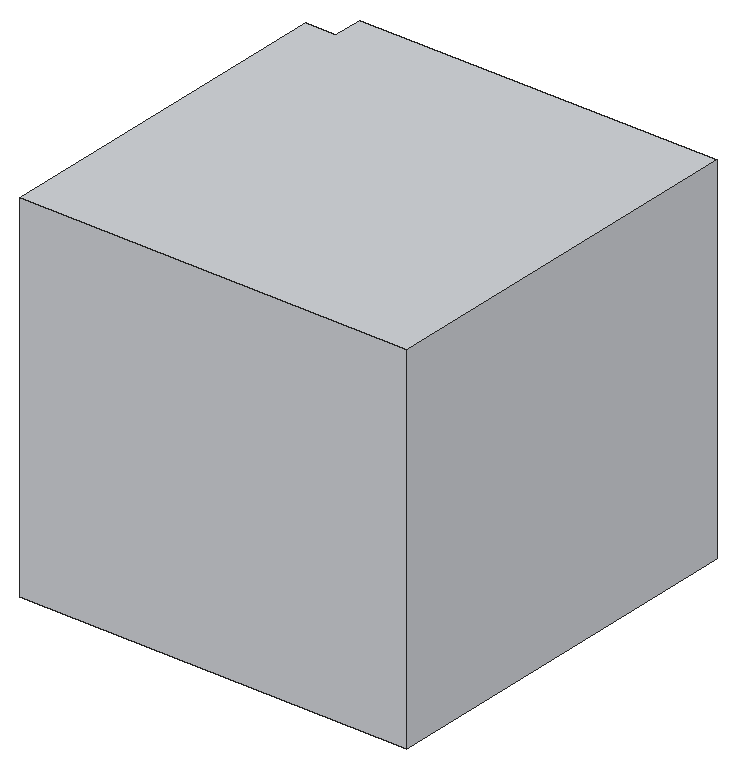
Revit family "M_Cotovelo retangular - 90 graus - Palhetas com espessura dobrada", category Conexões de duto, Revit 2019
Family settings
  Cota do conector redondo = Utilizar diâmetro
  Tipo de parte = Cotovelo
  Número OmniClass = 23.75.70.14
  Título OmniClass = Air Ductwork
  ID de item do Seek = Rectangular Elbow - Mitered - Double Thickness Vanes-0000-CAN-ENU
  Com base no plano de trabalho = Não
  Sempre na vertical = Sim
  Corte com vazios quando carregada = Não
  Compartilhado = Não
Parameters (values of type "Padrão")
  Espaço da palheta [instance] = Raio das palhetas  # 75 mm
  Largura do duto [instance] = 300 mm
  Comprimento do rebaixo [instance] = 25 mm
  Número [instance] = if((Comprimento 1 + Comprimento 2) / Espaço da palheta > 2, (Comprimento 1 + Comprimento 2) / Espaço da palheta, 2)  # 4
  Comprimento 2 [instance] = if((Largura do meio duto - Raio das palhetas) > 0 mm, Largura do meio duto - Raio das palhetas, 25 mm)  # 75 mm
  Comprimento 1 [instance] = Largura do meio duto + Raio das palhetas / 2  # 187.5 mm
  Comprimento do duto1 [instance] = tan(Ângulo / 2) * Largura do duto / 2 + Comprimento do rebaixo  # 175 mm
  Raio das palhetas [instance] = Largura do duto / 4  # 75 mm
  Altura do duto [instance] = 300 mm
  Largura do meio duto [instance] = Largura do duto / 2  # 150 mm
  Comprimento do meio duto 1 [instance] = Comprimento do duto1 / 2  # 87.5 mm
  Altura do meio duto [instance] = Altura do duto / 2  # 150 mm
  Ângulo 2 [instance] = Ângulo / 2  # 45.00°
  Ângulo [instance] = 90.00°
Reference planes
  plane 1 "Centro (Frente/Trás)": y = 0
  plane 2: z = 0
  plane 3 "Centro (Esquerda/Direita)": x = 0
  plane 4: x = -175
Forms (mm)
  Sweep 1, solid, detail levels medium+fine
    path in 3D
      loop
        line (-175, 0, 0) -> (0, 0, 0) -> (0, 175, 0)
    profile "M_Duto - Retangular : Duto - Retangular" origin (-87.5, 0, 0) x (0, 1, 0) y (0, 0, 1)
      loop
        line (-150, 150) -> (-150, -150) -> (150, -150) -> (150, 150) -> (-150, 150)
Lines and regions (mm)
  reference lines
    curve 1: line (-175, 0, 0) -> (0, 0, 0)
    curve 6: line (0, 0, 0) -> (-132.583, 132.583, 0)
    curve 7: line (0, 0, 0) -> (53.033, -53.033, 0)
    curve 8: line (-132.583, 132.583, 0) -> (-186.464, 78.701, 0)
    curve 9: line (-79.55, 79.55, 0) -> (-133.431, 25.668, 0)
  model lines, style "DuctFitting", detail levels coarse
    curve 2: line (0, 0, 0) -> (0, 175, 0)
    curve 5: line (-175, 0, 0) -> (0, 0, 0)
  sketch lines
    curve 3: line (-175, 0, 0) -> (0, 0, 0)
    curve 4: line (0, 0, 0) -> (0, 175, 0)
  model lines, detail levels coarse
    curve 10: line (0, 0, 0) -> (-61.872, 61.872, 0)
    curve 11: line (0, 0, 0) -> (61.872, -61.872, 0)
Dimensions and locks
  "Comprimento do duto1": plane 4 to plane 3 "Centro (Esquerda/Direita)"
  "Comprimento do duto1": curve 2 to curve 2
  "Comprimento 1": curve 6 to curve 6
  "Comprimento 2": curve 7 to curve 7
  "Espaço da palheta": curve 8 to curve 9
  "Comprimento do meio duto 1": curve 10 to curve 10
  "Comprimento do meio duto 1": curve 11 to curve 11
  equal spacing: group 1, group 2, group 3, group 4  (x2)
  equal spacing: group 4, group 3, group 2, group 1
  "Ângulo": angle plane 1 "Centro (Frente/Trás)" to curve 2
  "Ângulo 2": angle plane 3 "Centro (Esquerda/Direita)" to curve 7
  "Ângulo 2": angle plane 3 "Centro (Esquerda/Direita)" to curve 6
  locked: curve 6 to curve 8 (angle 90.00°)
  locked: curve 9 to curve 6 (angle 90.00°)
  "Ângulo 2": angle plane 3 "Centro (Esquerda/Direita)" to curve 10
  "Ângulo 2": angle plane 3 "Centro (Esquerda/Direita)" to curve 11
  aligned and locked: plane 1 "Centro (Frente/Trás)" to curve 1
  aligned and locked: plane 3 "Centro (Esquerda/Direita)" to curve 1
  aligned and locked: plane 4 to curve 1
  aligned and locked: curve 5 to curve 1
  aligned and locked: nested 1 to curve 8  (x2)
  aligned and locked: nested 2 to curve 9  (x2)
Automatic sketch dimensions
  curve 5 to plane 4 = 0 mm
  curve 11 to plane 3 "Centro (Esquerda/Direita)" = 0 mm
Nested families
  nested 1: "M_Duto - Palhetas duplas" at (-132.583, 132.583, 0), Raio <- "Raio das palhetas", Altura <- "Altura do meio duto", Ângulo <- "Ângulo", type "Duto - Palhetas duplas", detail levels medium+fine
    with Raio 75 mm, Altura 150 mm, Comprimento de meio raio 37.5 mm, Meio raio 37.5 mm, Ângulo 90.00°
  nested 2: "M_Duto - Palhetas duplas" at (-79.55, 79.55, 0), Raio <- "Raio das palhetas", Altura <- "Altura do meio duto", Ângulo <- "Ângulo", type "Duto - Palhetas duplas", detail levels medium+fine
    with Raio 75 mm, Altura 150 mm, Comprimento de meio raio 37.5 mm, Meio raio 37.5 mm, Ângulo 90.00°
  nested 3: "M_Duto - Palhetas duplas" at (-26.517, 26.517, 0), Raio <- "Raio das palhetas", Altura <- "Altura do meio duto", Ângulo <- "Ângulo", type "Duto - Palhetas duplas", detail levels medium+fine
    with Raio 75 mm, Altura 150 mm, Comprimento de meio raio 37.5 mm, Meio raio 37.5 mm, Ângulo 90.00°
  nested 4: "M_Duto - Palhetas duplas" at (26.517, -26.517, 0), Raio <- "Raio das palhetas", Altura <- "Altura do meio duto", Ângulo <- "Ângulo", type "Duto - Palhetas duplas", detail levels medium+fine
    with Raio 75 mm, Altura 150 mm, Comprimento de meio raio 37.5 mm, Meio raio 37.5 mm, Ângulo 90.00°
Connectors
  hvac at (-175, 0, 0), driven by "Altura do duto", driven by "Largura do duto", driven by "Ângulo"
    settings: on Sweep 1, index 1, duct flow 0.0 L/s, flow factor 0, pres drop 0.0 Pa, loss coef 0, conn angle 90.00°, conn width 300 mm, conn height 300 mm, conn diameter 609.6 mm, duct sys type 28, conn prof type 1, flow config 0, flow direction 0, loss method 0, conn ref index 2, conn util no, is conn primary yes, conn desc ""
  hvac at (0, 175, 0), driven by "Altura do duto", driven by "Largura do duto", driven by "Ângulo"
    settings: on Sweep 1, index 2, duct flow 0.0 L/s, flow factor 0, pres drop 0.0 Pa, loss coef 0, conn angle 90.00°, conn width 300 mm, conn height 300 mm, conn diameter 609.6 mm, duct sys type 28, conn prof type 1, flow config 0, flow direction 0, loss method 0, conn ref index 1, conn util no, is conn primary no, conn desc ""
Definition of nested family "M_Duto - Palhetas duplas"
  Parameters
    Raio [instance] = 19.05 mm
    Comprimento de meio raio [instance] = Meio raio * tan(Ângulo / 2)  # 9.525 mm
    Meio raio [instance] = Raio / 2  # 9.525 mm
    Altura [instance] = 25.4 mm
    Assembly Code = ""
    Ângulo [instance] = 90.00°
  Reference planes
    plane 1 "Centro (Frente/Trás)": y = 0
    plane 2: z = 0
    plane 3 "Centro (Esquerda/Direita)": x = 0
    plane 4: y = -19.05
    plane 5: x = 19.05
    plane 6: z = 25.4
    plane 7: z = -25.4
    plane 8: y = -9.525
    plane 9: x = 9.525
  Lines and regions (mm)
    model lines
      curve 1: arc (0, -19.05, 25.4) -> (13.47, -13.47, 25.4) -> (19.05, 0, 25.4) r 19.05
      curve 2: arc (19.05, -9.525, 25.4) -> (16.26, -16.26, 25.4) -> (9.525, -19.05, 25.4) r 9.525
      curve 3: line (0, -19.05, 25.4) -> (9.525, -19.05, 25.4)
      curve 4: line (19.05, -9.525, 25.4) -> (19.05, 0, 25.4)
      curve 5: arc (0, -19.05, -25.4) -> (13.47, -13.47, -25.4) -> (19.05, 0, -25.4) r 19.05
      curve 6: arc (9.525, -19.05, -25.4) -> (16.26, -16.26, -25.4) -> (19.05, -9.525, -25.4) r 9.525
      curve 7: line (0, -19.05, -25.4) -> (9.525, -19.05, -25.4)
      curve 8: line (19.05, -9.525, -25.4) -> (19.05, 0, -25.4)
  Dimensions and locks
    "Raio": plane 3 "Centro (Esquerda/Direita)" to plane 5
    "Raio": plane 1 "Centro (Frente/Trás)" to plane 4
    "Altura": plane 6 to plane 2
    "Meio raio": plane 8 to plane 1 "Centro (Frente/Trás)"
    "Comprimento de meio raio": plane 3 "Centro (Esquerda/Direita)" to plane 9
    "Comprimento de meio raio": curve 4 to curve 4
    "Comprimento de meio raio": curve 8 to curve 8
    "Altura": plane 2 to plane 7
    "Raio": radius of curve 1
    "Meio raio": radius of curve 2
    "Raio": radius of curve 5
    "Meio raio": radius of curve 6
    "Ângulo": angle curve 1 to curve 1
    "Ângulo": angle curve 2 to curve 2
    "Ângulo": angle curve 3 to curve 4
    "Ângulo": angle curve 5 to curve 5
    "Ângulo": angle curve 6 to curve 6
    "Ângulo": angle curve 7 to curve 8
    aligned and locked: plane 1 "Centro (Frente/Trás)" to curve 1
    aligned and locked: plane 3 "Centro (Esquerda/Direita)" to curve 1
    aligned and locked: plane 9 to curve 2
    aligned and locked: plane 3 "Centro (Esquerda/Direita)" to curve 3
    aligned and locked: plane 9 to curve 3
    aligned and locked: curve 3 to plane 4
    aligned and locked: plane 3 "Centro (Esquerda/Direita)" to curve 5
    aligned and locked: plane 8 to curve 6
    aligned and locked: plane 9 to curve 6
    aligned and locked: plane 3 "Centro (Esquerda/Direita)" to curve 7
    aligned and locked: plane 9 to curve 7
    aligned and locked: plane 1 "Centro (Frente/Trás)" to curve 5
